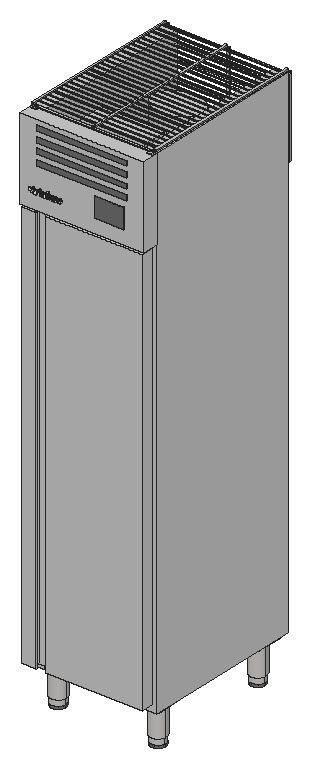
Revit family "QF_INFRICO_AGN301BT_250807033416", category Specialty Equipment, Revit 2021
Family settings
  Round Connector Dimension = Use Diameter
  Part Type = Normal
  OmniClass Number = 23.40.40.14
  OmniClass Title = Food Service Equipment
  Work Plane-Based = No
  Always vertical = Yes
  Cut with Voids When Loaded = No
  Shared = No
  Room Calculation Point = No
Parameters (values of type "AGN301BT")
  Weight [instance] = 0.00 kg
  Waste Water Discharge Temperature [instance] = 0 °C
  Waste Remarks [instance] = ""
  Warranty Start Date [instance] = ""
  Warranty Duration [instance] = ""
  Volts [instance] = 230 V
  Volt Free Conn [instance] = no
  URL Recommended Spares List [instance] = ""
  URL Manufacturer [instance] = ""
  URL Cutsheet [instance] = ""
  URL Critical Spares List [instance] = ""
  URL = "www.infrico.com"
  Technical Documentation [instance] = ""
  Tag Number [instance] = ""
  Status [instance] = ""
  Start Up Current [instance] = 0 A
  Specification by User [instance] = ""
  Specification by Manufacturer [instance] = ""
  Sound Level [instance] = ""
  Show Logo [instance] = yes
  Show Clearances [instance] = yes
  Service Life Duration [instance] = ""
  Serial Number [instance] = ""
  Seismic Rating [instance] = ""
  SMACNA No [instance] = ""
  Revision Code [instance] = ""
  Revision [instance] = ""
  Production Year [instance] = ""
  Potential Equalisation [instance] = no
  Point Load [instance] = 0
  Plumbing Connection Type [instance] = ""
  Phase [instance] = 1
  Other Equipment Approvals [instance] = ""
  Operational Current [instance] = 0 A
  Number of Poles [instance] = 2
  No Load Power Draw [instance] = no
  NAFEM Spec ID Number [instance] = ""
  Model Warning [instance] = ""
  Model = "AGN301BT"
  Min Ckt Ampacity [instance] = 0 A
  Max Overcurrent Protection [instance] = 0 A
  Masterspec [instance] = ""
  Manufacturer = "INFRICO"
  Main switch integrated [instance] = no
  Length Actual [instance] = 482 mm
  Item Number [instance] = ""
  Installed By [instance] = ""
  Installation Date [instance] = ""
  Indirect Waste Size [instance] = 19.05 mm
  Indirect Waste Remarks [instance] = ""
  Indirect Waste Flow [instance] = 0.0 L/s
  Indirect Waste Connection Type [instance] = ""
  Indirect Waste Connection Height [instance] = 0 mm
  Identify Quantity as Lot [instance] = no
  ID [instance] = ""
  Hygiene Approval [instance] = ""
  Height Actual [instance] = 2100 mm
  HP power [instance] = ""
  Furnished By [instance] = ""
  Foodservice Equipment Identifier [instance] = no
  FL Amps [instance] = 0 A
  Electrical Remarks [instance] = ""
  Electric power [instance] = 450 W
  Electric Connection Type [instance] = ""
  Elec Conn RI Height [instance] = 0 mm
  Elec Conn Connection Height [instance] = 0 mm
  ETL Approved [instance] = no
  Direct Waste Water Discharge Temperature [instance] = -273.15 °C
  Direct Waste Size [instance] = 19.05 mm
  Direct Waste RI Height [instance] = 0 mm
  Direct Waste Flow [instance] = 0.0 L/s
  Direct Waste Connection Height [instance] = 0 mm
  Description = "GN 1/1 REFRIGERATOR AND FREEZER REACH IN 300/600 - ONE DOOR - R290"
  Depth Actual [instance] = 695 mm
  Default Elevation = 0 mm
  Cycle [instance] = 50 Hz
  Cost = 0
  Connection to energy optimisation system [instance] = yes
  Conn Plug [instance] = ""
  Conn Conduit [instance] = no
  Centralized building control system with digital interface [instance] = ""
  CSI MasterFormat [instance] = ""
  CE Approved [instance] = no
  Barcode [instance] = 0
  Author [instance] = ""
  Asset Identifier [instance] = ""
  Apparent Power [instance] = 450 VA
  Accessory [instance] = no
Reference planes
  plane 1 "Center (Front/Back)": y = 0
  plane 2: z = 0
  plane 3 "Center (Left/Right)": x = 0
Forms (mm)
  Extrusion 1, solid, not visible
    sketch origin (241.012, -93.905, 152.007) x (1, 0, 0) y (0, 1, 0)
      loop
        line (-2, 2) -> (-2, -2) -> (2, -2) -> (2, 2) -> (-2, 2)
    from -2 to 2
  Extrusion 2, solid, not visible
    sketch origin (100.005, -89.004, 1770.086) x (1, 0, 0) y (0, 1, 0)
      loop
        line (-2, 2) -> (-2, -2) -> (2, -2) -> (2, 2) -> (-2, 2)
    from -2 to 2
Dimensions and locks
  locked: nested 2 to Extrusion 1 at 2  (x2)
  locked: Extrusion 2 to nested 3
  locked: nested 3 to Extrusion 2 at 2
  aligned and locked: level to plane 2
Nested families
  nested 1: "QF_INFRICO_AGN300_2920" at (0, 0, 150), type "AGN301BT"
    with Weight 0.00 kg, Warranty Start Date "", Warranty Duration "", URL Cutsheet "", Technical Documentation "", Tag Number "", Status "", Specification by User "", Specification by Manufacturer "", Sound Level "", Solid Fuel Type "", Show Logo yes, Show Clearances yes, Show Clearance yes, Service Life Duration "", Serial Number "", Seismic Rating "", SMACNA No "", Revision Code "", Revision "", Production Year "", Point Load 0, Other Equipment Approvals "", NAFEM Spec ID Number "", Model Warning "", Masterspec "", Length Actual 482 mm, Item Number "", Installed By "", Installation Date "", Identify Quantity as Lot yes, ID "", Hygiene Approval "", Height Actual 2100 mm, Furnished By "", Foodservice Equipment Identifier yes, ETL Approved yes, Depth Actual 695 mm, CSI MasterFormat "", CE Approved no, Barcode "", Author "", Asset Identifier "", Accessory no
  nested 2: "CONN_POINT_DRAIN_2D___Generic_Annotation" at (241.012, -93.905, 150.007), type "CONN_POINT_DRAIN_2D___Generic_Annotation"
    with Onboard connection annotation symbol visibility yes
  nested 3: "CONN_POINT_ELE_2D___Generic_Annotation" at (100.005, -87.004, 1770.086), type "CONN_POINT_ELE_2D___Generic_Annotation"
    with Onboard connection annotation symbol visibility yes
  nested 4: "QF_INFRICO_AGN300_DOOR_DX_4549" at (5, -640, 186), type "AGN300_DOOR_DX"
    with Weight 0.00 kg, Warranty Start Date "", Warranty Duration "", URL Cutsheet "", Technical Documentation "", Tag Number "", Status "", Specification by User "", Specification by Manufacturer "", Sound Level "", Solid Fuel Type "", Show Logo yes, Show Clearances yes, Show Clearance yes, Service Life Duration "", Serial Number "", Seismic Rating "", SMACNA No "", Revision Code "", Revision "", Production Year "", Point Load 0, Other Equipment Approvals "", NAFEM Spec ID Number "", Model Warning "", Masterspec "", Length Actual 482 mm, Item Number "", Installed By "", Installation Date "", Identify Quantity as Lot yes, ID "", Hygiene Approval "", Height Actual 1588 mm, Furnished By "", Foodservice Equipment Identifier yes, ETL Approved yes, Depth Actual 61 mm, CSI MasterFormat "", CE Approved no, Barcode "", Author "", Asset Identifier "", Accessory yes
  nested 5: "QF_INFRICO_LEGS_REACH_INS_5320" at (0, 0, 0), type "LEGS_482_640"
    with Weight 0.00 kg, Warranty Start Date "", Warranty Duration "", URL Cutsheet "", Technical Documentation "", Tag Number "", Status "", Specification by User "", Specification by Manufacturer "", Sound Level "", Solid Fuel Type "", Show Logo yes, Show Clearances yes, Service Life Duration "", Serial Number "", Seismic Rating "", SMACNA No "", Revision Code "", Revision "", Production Year "", Point Load 0, Other Equipment Approvals "", NAFEM Spec ID Number "", Model Warning "", Masterspec "", Length Actual 482 mm, Item Number "", Installed By "", Installation Date "", Identify Quantity as Lot yes, ID "", Hygiene Approval "", Height Actual 150 mm, Furnished By "", Foodservice Equipment Identifier yes, ETL Approved yes, Depth Actual 640 mm, CSI MasterFormat "", CE Approved no, Barcode "", Author "", Asset Identifier "", Accessory yes
Connectors
  piping at (241.012, -93.905, 150.007), diameter 19.05, driven by "Indirect Waste Size", driven by "Direct Waste Flow"
    settings: on Extrusion 1, index 1, connector inside diameter 609.6 mm, connector length 0 mm, flow factor 0, pipe flow 0.0 L/s, pressure drop 0.0 Pa, fitting loss kfactor 0, connector angle 0.00°, fixture units 0, engagement length 0 mm, angle of deflection 0.00°, flow configuration 1, flow direction 2, fitting loss method 0, system type 16, joint type 0, gender type 0, connector reference index -1, connector utility 0, adjustable connector no, is connector primary yes, connector description "Waste connection for AGN301BT"
  electrical at (100.005, -87.004, 1770.086), driven by "Apparent Power", driven by "Number of Poles", driven by "Volts"
    settings: on Extrusion 2, index 2, voltage 230 V, apparent load 0 VA, apparent load phase1 450 VA, apparent load phase2 0 VA, apparent load phase3 0 VA, power factor 1, load classification "Other", number of poles 2, system type 31, power factor state 1, is connector primary yes, connector utility no, sub classification motor no, connector description "Electrical connection for AGN301BT"
Definition of nested family "QF_INFRICO_AGN300_2920"
  Parameters (values of type "AGN302")
    Weight [instance] = 0.00 kg
    Warranty Start Date [instance] = ""
    Warranty Duration [instance] = ""
    URL Cutsheet [instance] = ""
    URL = "www.infrico.com"
    Technical Documentation [instance] = ""
    Tag Number [instance] = ""
    Status [instance] = ""
    Specification by User [instance] = ""
    Specification by Manufacturer [instance] = ""
    Sound Level [instance] = ""
    Solid Fuel Type [instance] = ""
    Show Logo [instance] = yes
    Show Clearances [instance] = yes
    Show Clearance [instance] = yes
    Service Life Duration [instance] = ""
    Serial Number [instance] = ""
    Seismic Rating [instance] = ""
    SMACNA No [instance] = ""
    Revision Code [instance] = ""
    Revision [instance] = ""
    Production Year [instance] = ""
    Point Load [instance] = 0
    Other Equipment Approvals [instance] = ""
    NAFEM Spec ID Number [instance] = ""
    Model Warning [instance] = ""
    Model = "AGN302"
    Masterspec [instance] = ""
    Manufacturer = "INFRICO"
    Length Actual [instance] = 0 mm
    Item Number [instance] = ""
    Installed By [instance] = ""
    Installation Date [instance] = ""
    Identify Quantity as Lot [instance] = yes
    ID [instance] = ""
    Hygiene Approval [instance] = ""
    Height Actual [instance] = 0 mm
    Furnished By [instance] = ""
    Foodservice Equipment Identifier [instance] = yes
    ETL Approved [instance] = yes
    Description = "GN 1/1 REFRIGERATOR AND FREEZER REACH IN 300/600 - TWO DOORS - R134A REFRIGERANT"
    Depth Actual [instance] = 0 mm
    Default Elevation = 0 mm
    CSI MasterFormat [instance] = ""
    CE Approved [instance] = yes
    Barcode [instance] = ""
    Author [instance] = ""
    Asset Identifier [instance] = ""
    Assembly Code = "E1090320"
    Accessory [instance] = yes
  Types (4, lengths in mm): name | Model | Description
    AGN301 | "AGN301" | "GN 1/1 REFRIGERATOR AND FREEZER REACH IN 300/600 - ONE DOOR - R134A REFRIGERANT"
    AGN301-R290 | "AGN301" | "GN 1/1 REFRIGERATOR AND FREEZER REACH IN 300/600 - ONE DOOR - R290 REFRIGERANT"
    AGN301BT | "AGN301BT" | "GN 1/1 REFRIGERATOR AND FREEZER REACH IN 300/600 - ONE DOOR - R290 REFRIGERANT"
    AGN302 | "AGN302" | "GN 1/1 REFRIGERATOR AND FREEZER REACH IN 300/600 - TWO DOORS - R134A REFRIGERANT"
  Reference planes
    plane 1 "Back": y = 0
    plane 2: z = 0
    plane 3 "Left": x = 0
    plane 4 "Right": x = 482
    plane 5 "Front": y = -700
    plane 6 "Top": z = 1950
  Forms (mm)
    Extrusion 1, solid
      sketch origin (0, 16, -334) x (0, 1, 0) y (0, 0, 1)
        loop
          line (-16, 334) -> (-16, 1597) -> (-656, 1597) -> (-656, 334) -> (-16, 334)
      from 50 to 432
    Extrusion 2, solid
      sketch origin (0, -95, 1700) x (1, 0, 0) y (0, 1, 0)
        loop
          line (0, -545) -> (0, -605) -> (482, -605) -> (482, -545) -> (479.5, -545) -> (479.5, -558) -> (457, -558) -> (457, -545) -> (25, -545) -> (25, -558) -> (2.5, -558) -> (2.5, -545) -> (0, -545)
      from -68 to 250
    Extrusion 3, solid, visible <- "Show Logo"
      sketch origin (-1126.614, -699, 992.462) x (1, 0, 0) y (0, 0, 1)
        loop
          line (1208.799, 696.53) -> (1208.799, 719.204) -> (1204.173, 719.204) -> (1204.173, 696.53) -> (1208.799, 696.53)
        loop
          line (1214.779, 713.006) -> (1211.283, 713.006) -> (1211.283, 696.53) -> (1215.772, 696.53) -> (1215.772, 707.832)
          arc (1215.772, 707.832) -> (1217.528, 708.741) -> (1219.417, 709.324) r 11.052
          arc (1219.417, 709.324) -> (1220.929, 708.961) -> (1221.598, 707.557) r 1.806
          line (1221.598, 707.557) -> (1221.598, 696.53) -> (1226.121, 696.53) -> (1226.121, 708.689)
          arc (1226.121, 708.689) -> (1224.637, 712.075) -> (1221.141, 713.281) r 4.607
          arc (1221.141, 713.281) -> (1218.282, 712.674) -> (1215.669, 711.361) r 11.435
          line (1215.669, 711.361) -> (1215.601, 712.184)
          arc (1215.601, 712.184) -> (1215.36, 712.765) -> (1214.779, 713.006) r 0.822
        loop
          line (1238.557, 720.102) -> (1237.306, 720.102)
          arc (1237.306, 720.102) -> (1235.052, 719.926) -> (1232.881, 719.297) r 11.103
          arc (1232.881, 719.297) -> (1230.805, 717.616) -> (1230.024, 715.062) r 4.567
          line (1230.024, 715.062) -> (1230.024, 712.909) -> (1227.351, 712.703) -> (1227.351, 709.374) -> (1230.024, 709.374) -> (1230.024, 696.53) -> (1234.547, 696.53) -> (1234.547, 709.374) -> (1238.249, 709.374) -> (1238.249, 712.938) -> (1234.547, 712.938) -> (1234.547, 714.548)
          arc (1234.547, 714.548) -> (1234.956, 715.705) -> (1236.045, 716.271) r 1.67
          line (1236.045, 716.271) -> (1237.7, 716.399)
          arc (1237.7, 716.399) -> (1238.306, 716.65) -> (1238.557, 717.255) r 0.857
          line (1238.557, 717.255) -> (1238.557, 720.102)
        loop
          line (1239.479, 713.006) -> (1239.479, 696.53) -> (1243.968, 696.53) -> (1243.968, 707.352)
          arc (1243.968, 707.352) -> (1245.873, 708.631) -> (1248.077, 709.268) r 7.435
          line (1248.077, 709.268) -> (1249.241, 709.416)
          arc (1249.241, 709.416) -> (1249.643, 709.758) -> (1249.793, 710.265) r 0.928
          line (1249.793, 710.265) -> (1249.793, 712.458)
          arc (1249.793, 712.458) -> (1249.531, 713.061) -> (1248.912, 713.28) r 0.824
          arc (1248.912, 713.28) -> (1246.197, 712.588) -> (1243.899, 710.984) r 7.833
          line (1243.899, 710.984) -> (1243.726, 713.006) -> (1239.479, 713.006)
        loop
          line (1255.495, 696.53) -> (1255.495, 713.006) -> (1251.006, 713.006) -> (1251.006, 696.53) -> (1255.495, 696.53)
        loop
          arc (1257.421, 701.327) -> (1258.567, 698.188) -> (1261.466, 696.525) r 4.873
          arc (1261.466, 696.525) -> (1264.493, 696.266) -> (1267.521, 696.525) r 17.816
          arc (1267.521, 696.525) -> (1270.575, 699.134) -> (1271.505, 703.041) r 6.481
          line (1271.505, 703.041) -> (1267.187, 703.041) -> (1267.187, 701.67)
          arc (1267.187, 701.67) -> (1266.64, 700.452) -> (1265.442, 699.865) r 1.965
          arc (1265.442, 699.865) -> (1264.547, 699.816) -> (1263.653, 699.865) r 8.196
          arc (1263.653, 699.865) -> (1262.417, 700.415) -> (1261.91, 701.67) r 1.806
          line (1261.91, 701.67) -> (1261.91, 707.9)
          arc (1261.91, 707.9) -> (1262.417, 709.155) -> (1263.653, 709.705) r 1.806
          arc (1263.653, 709.705) -> (1264.547, 709.754) -> (1265.442, 709.705) r 8.196
          arc (1265.442, 709.705) -> (1266.64, 709.118) -> (1267.187, 707.9) r 1.965
          line (1267.187, 707.9) -> (1267.187, 706.838) -> (1271.505, 706.838)
          arc (1271.505, 706.838) -> (1270.524, 710.556) -> (1267.521, 712.959) r 6.132
          arc (1267.521, 712.959) -> (1264.493, 713.294) -> (1261.466, 712.959) r 13.851
          arc (1261.466, 712.959) -> (1258.571, 711.349) -> (1257.421, 708.243) r 4.772
          line (1257.421, 708.243) -> (1257.421, 701.327)
        loop
          arc (1272.916, 701.329) -> (1273.993, 698.345) -> (1276.726, 696.734) r 4.676
          arc (1276.726, 696.734) -> (1278.515, 696.455) -> (1280.318, 696.291) r 28.371
          arc (1280.318, 696.291) -> (1282.122, 696.455) -> (1283.911, 696.734) r 28.371
          arc (1283.911, 696.734) -> (1286.644, 698.345) -> (1287.72, 701.329) r 4.676
          line (1287.72, 701.329) -> (1287.72, 708.242)
          arc (1287.72, 708.242) -> (1286.644, 711.226) -> (1283.911, 712.837) r 4.676
          arc (1283.911, 712.837) -> (1282.122, 713.116) -> (1280.318, 713.28) r 28.371
          arc (1280.318, 713.28) -> (1278.515, 713.116) -> (1276.726, 712.837) r 28.371
          arc (1276.726, 712.837) -> (1273.993, 711.226) -> (1272.916, 708.242) r 4.676
          line (1272.916, 708.242) -> (1272.916, 701.329)
        loop
          line (1277.405, 707.866) -> (1277.405, 701.705)
          arc (1277.405, 701.705) -> (1277.844, 700.556) -> (1278.936, 699.991) r 1.725
          arc (1278.936, 699.991) -> (1279.627, 699.918) -> (1280.318, 699.856) r 46.133
          arc (1280.318, 699.856) -> (1281.01, 699.918) -> (1281.701, 699.991) r 46.133
          arc (1281.701, 699.991) -> (1282.793, 700.556) -> (1283.231, 701.705) r 1.725
          line (1283.231, 701.705) -> (1283.231, 707.866)
          arc (1283.231, 707.866) -> (1282.793, 709.015) -> (1281.701, 709.58) r 1.725
          arc (1281.701, 709.58) -> (1281.01, 709.653) -> (1280.318, 709.716) r 46.133
          arc (1280.318, 709.716) -> (1279.627, 709.653) -> (1278.936, 709.58) r 46.133
          arc (1278.936, 709.58) -> (1277.844, 709.015) -> (1277.405, 707.866) r 1.725
        loop
          arc (1190.339, 696.543) -> (1191.411, 696.987) -> (1191.856, 698.059) r 1.516
          line (1191.856, 698.059) -> (1191.856, 703.891) -> (1196.035, 703.891)
          arc (1196.035, 703.891) -> (1196.79, 704.121) -> (1197.218, 704.782) r 1.147
          line (1197.218, 704.782) -> (1197.218, 706.211)
          arc (1197.218, 706.211) -> (1196.787, 707.258) -> (1195.719, 707.634) r 1.385
          line (1195.719, 707.634) -> (1194.52, 707.634) -> (1197.218, 710.332)
          arc (1197.218, 710.332) -> (1197.605, 711.266) -> (1197.218, 712.2) r 1.321
          line (1197.218, 712.2) -> (1196.495, 712.923)
          arc (1196.495, 712.923) -> (1195.54, 713.338) -> (1194.558, 712.991) r 1.422
          line (1194.558, 712.991) -> (1191.853, 710.286) -> (1191.853, 711.479)
          arc (1191.853, 711.479) -> (1191.443, 712.516) -> (1190.435, 712.992) r 1.516
          line (1190.435, 712.992) -> (1189.514, 712.992)
          arc (1189.514, 712.992) -> (1188.511, 712.514) -> (1188.103, 711.479) r 1.516
          line (1188.103, 711.479) -> (1188.103, 706.83) -> (1182.073, 701.336) -> (1182.073, 707.509) -> (1185.639, 711.075)
          arc (1185.639, 711.075) -> (1186.053, 712.073) -> (1185.639, 713.071) r 1.412
          line (1185.639, 713.071) -> (1184.987, 713.723)
          arc (1184.987, 713.723) -> (1183.939, 714.141) -> (1182.915, 713.667) r 1.428
          line (1182.915, 713.667) -> (1182.073, 712.825) -> (1182.073, 717.784)
          arc (1182.073, 717.784) -> (1181.658, 718.787) -> (1180.655, 719.203) r 1.418
          line (1180.655, 719.203) -> (1179.726, 719.203)
          arc (1179.726, 719.203) -> (1178.723, 718.787) -> (1178.308, 717.784) r 1.418
          line (1178.308, 717.784) -> (1178.308, 712.825) -> (1177.466, 713.667)
          arc (1177.466, 713.667) -> (1176.442, 714.141) -> (1175.394, 713.723) r 1.428
          line (1175.394, 713.723) -> (1174.742, 713.071)
          arc (1174.742, 713.071) -> (1174.328, 712.073) -> (1174.742, 711.075) r 1.412
          line (1174.742, 711.075) -> (1178.308, 707.509) -> (1178.308, 701.336) -> (1172.278, 706.83) -> (1172.278, 711.479)
          arc (1172.278, 711.479) -> (1171.87, 712.514) -> (1170.867, 712.992) r 1.516
          line (1170.867, 712.992) -> (1169.946, 712.992)
          arc (1169.946, 712.992) -> (1168.938, 712.516) -> (1168.528, 711.479) r 1.516
          line (1168.528, 711.479) -> (1168.528, 710.286) -> (1165.823, 712.991)
          arc (1165.823, 712.991) -> (1164.841, 713.338) -> (1163.886, 712.923) r 1.422
          line (1163.886, 712.923) -> (1163.163, 712.2)
          arc (1163.163, 712.2) -> (1162.776, 711.266) -> (1163.163, 710.332) r 1.321
          line (1163.163, 710.332) -> (1165.861, 707.634) -> (1164.662, 707.634)
          arc (1164.662, 707.634) -> (1163.594, 707.258) -> (1163.163, 706.211) r 1.385
          line (1163.163, 706.211) -> (1163.163, 704.782)
          arc (1163.163, 704.782) -> (1163.591, 704.121) -> (1164.346, 703.891) r 1.147
          line (1164.346, 703.891) -> (1168.525, 703.891) -> (1168.525, 698.059)
          arc (1168.525, 698.059) -> (1168.969, 696.987) -> (1170.042, 696.543) r 1.516
          line (1170.042, 696.543) -> (1190.339, 696.543)
      from 0 to 2
    Extrusion 4, solid
      sketch origin (-875.87, -3.77, 1109.561) x (1, 0, 0) y (0, 0, 1)
        loop
          line (1169.616, 654.3) -> (1169.616, 577.9) -> (1281.216, 577.9) -> (1281.216, 654.3) -> (1169.616, 654.3)
      from 696.23 to 698.23
    Extrusion 5, solid
      sketch origin (0, 16, -10) x (1, 0, 0) y (0, 1, 0)
        loop
          line (0, -656) -> (50, -656) -> (50, -16) -> (0, -16) -> (0, -656)
        loop
          line (432, -16) -> (432, -656) -> (482, -656) -> (482, -16) -> (432, -16)
      from 10 to 1960
    Extrusion 6, solid
      sketch origin (0, 16, 38) x (0, 1, 0) y (0, 0, 1)
        loop
          line (-656, 1225) -> (-50, 1225) -> (-103.033, 1278.033) -> (-103.033, 1600) -> (-603, 1600) -> (-656, 1653) -> (-656, 1225)
      from 50 to 432
    Extrusion 7, solid
      sketch origin (146.982, 229.891, 1638) x (0.866025, -0.5, 0) y (0.5, 0.866025, 0)
        loop
          line (358.028, -621.086) -> (408.028, -707.689) -> (624.534, -582.689) -> (574.534, -496.086) -> (358.028, -621.086)
      from 0 to 292
    Extrusion 8, solid
      sketch origin (141.982, 221.23, 1659) x (0.866025, -0.5, 0) y (0.5, 0.866025, 0)
        loop
          line (407.8, -507.295) -> (427.8, -541.936) -> (479.762, -511.936) -> (459.762, -477.295) -> (407.8, -507.295)
      from 103.4 to 153.4
    Extrusion 9, solid
      sketch origin (857.586, -118.671, 1638) x (0, -1, 0) y (1, 0, 0)
        loop
          arc (131.329, -491.086) -> (74.329, -586.086) -> (131.329, -681.086) r 107.667
          arc (131.329, -681.086) -> (151.329, -686.086) -> (171.329, -681.086) r 42.5
          arc (171.329, -681.086) -> (228.329, -586.086) -> (171.329, -491.086) r 107.667
          arc (171.329, -491.086) -> (151.329, -486.086) -> (131.329, -491.086) r 42.5
      from 0 to 250
    Extrusion 10, solid
      sketch origin (0, 16, 33) x (0, 1, 0) y (0, 0, 1)
        loop
          circle (-656, 1921) r 4
        loop
          circle (-630, 1923) r 2
        loop
          circle (-605, 1923) r 2
        loop
          circle (-580, 1923) r 2
        loop
          circle (-555, 1923) r 2
        loop
          circle (-530, 1923) r 2
        loop
          circle (-505, 1923) r 2
        loop
          circle (-480, 1923) r 2
        loop
          circle (-455, 1923) r 2
        loop
          circle (-430, 1923) r 2
        loop
          circle (-405, 1923) r 2
        loop
          circle (-380, 1923) r 2
        loop
          circle (-355, 1923) r 2
        loop
          circle (-330, 1923) r 2
        loop
          circle (-305, 1923) r 2
        loop
          circle (-280, 1923) r 2
        loop
          circle (-255, 1923) r 2
        loop
          circle (-230, 1923) r 2
        loop
          circle (-205, 1923) r 2
        loop
          circle (-155, 1923) r 2
        loop
          circle (-130, 1923) r 2
        loop
          circle (-105, 1923) r 2
        loop
          circle (-80, 1923) r 2
        loop
          circle (-55, 1923) r 2
        loop
          circle (-180, 1923) r 2
        loop
          circle (-30, 1923) r 2
      from 0 to 481
    Extrusion 11, solid
      sketch origin (0, 16, 33) x (1, 0, 0) y (0, 0, 1)
        loop
          circle (4, 1929) r 4
        loop
          circle (478, 1929) r 4
        loop
          circle (241, 1929) r 4
      from 16 to 660
    Extrusion 12, solid
      sketch origin (0, -1917, 1290) x (0, 0, -1) y (0, 1, 0)
        loop
          circle (-656, 1921) r 4
        loop
          circle (-630, 1923) r 2
        loop
          circle (-605, 1923) r 2
        loop
          circle (-580, 1923) r 2
        loop
          circle (-555, 1923) r 2
        loop
          circle (-530, 1923) r 2
        loop
          circle (-505, 1923) r 2
        loop
          circle (-480, 1923) r 2
        loop
          circle (-455, 1923) r 2
        loop
          circle (-430, 1923) r 2
        loop
          circle (-405, 1923) r 2
        loop
          circle (-380, 1923) r 2
        loop
          circle (-355, 1923) r 2
      from 0 to 481
    Extrusion 13, solid
      sketch origin (0, -1917, 1290) x (1, 0, 0) y (0, 1, 0)
        loop
          circle (4, 1929) r 4
        loop
          circle (477, 1929) r 4
        loop
          circle (240.5, 1929) r 4
      from 348 to 660
    Extrusion 14, solid
      sketch origin (500, -698.1, -10) x (1, 0, 0) y (0, 0, 1)
        loop
          line (-434.5, 1940) -> (-434.5, 1920) -> (-84.5, 1920) -> (-84.5, 1940) -> (-434.5, 1940)
        loop
          line (-434.5, 1900) -> (-434.5, 1880) -> (-84.5, 1880) -> (-84.5, 1900) -> (-434.5, 1900)
        loop
          line (-434.5, 1860) -> (-434.5, 1840) -> (-84.5, 1840) -> (-84.5, 1860) -> (-434.5, 1860)
        loop
          line (-434.5, 1820) -> (-434.5, 1800) -> (-84.5, 1800) -> (-84.5, 1820) -> (-434.5, 1820)
      from 0 to 2
    Extrusion 15, solid
      sketch origin (458.5, -77, 38) x (0, 1, 0) y (0, 0, 1)
        loop
          line (-567, 1911) -> (-563, 1911) -> (-563, 1914.5)
          arc (-563, 1914.5) -> (-564.062, 1917.463) -> (-565.924, 1920) r 10.917
          line (-565.924, 1920) -> (-573.076, 1920)
          arc (-573.076, 1920) -> (-574.938, 1917.463) -> (-576, 1914.5) r 10.917
          line (-576, 1914.5) -> (-576, 1911) -> (-572, 1911) -> (-572, 1914.5)
          arc (-572, 1914.5) -> (-569.5, 1917) -> (-567, 1914.5) r 2.5
          line (-567, 1914.5) -> (-567, 1911)
      from 0 to 17.5
    Extrusion 16, solid
      sketch origin (455.5, -77, 38) x (0, 1, 0) y (0, 0, 1)
        loop
          arc (-567.161, 1915.382) -> (-569.948, 1916.96) -> (-572, 1914.5) r 2.5
          line (-572, 1914.5) -> (-571.49, 1908.671) -> (-564.851, 1909.252) -> (-567.161, 1915.382)
      from 0.5 to 3
    Extrusion 17, solid
      sketch origin (475.5, -77, 38) x (0, 1, 0) y (0, 0, 1)
        loop
          arc (-567.161, 1915.382) -> (-569.948, 1916.96) -> (-572, 1914.5) r 2.5
          line (-572, 1914.5) -> (-571.49, 1908.671) -> (-564.851, 1909.252) -> (-567.161, 1915.382)
      from 0.5 to 3
    Extrusion 18, solid
      sketch origin (5, -77, 38) x (0, 1, 0) y (0, 0, 1)
        loop
          line (-567, 1911) -> (-563, 1911) -> (-563, 1914.5)
          arc (-563, 1914.5) -> (-564.062, 1917.463) -> (-565.924, 1920) r 10.917
          line (-565.924, 1920) -> (-573.076, 1920)
          arc (-573.076, 1920) -> (-574.938, 1917.463) -> (-576, 1914.5) r 10.917
          line (-576, 1914.5) -> (-576, 1911) -> (-572, 1911) -> (-572, 1914.5)
          arc (-572, 1914.5) -> (-569.5, 1917) -> (-567, 1914.5) r 2.5
          line (-567, 1914.5) -> (-567, 1911)
      from 0 to 17.5
    Extrusion 19, solid
      sketch origin (2, -77, 38) x (0, 1, 0) y (0, 0, 1)
        loop
          arc (-567.161, 1915.382) -> (-569.948, 1916.96) -> (-572, 1914.5) r 2.5
          line (-572, 1914.5) -> (-571.49, 1908.671) -> (-564.851, 1909.252) -> (-567.161, 1915.382)
      from 0.5 to 3
    Extrusion 20, solid
      sketch origin (22, -77, 38) x (0, 1, 0) y (0, 0, 1)
        loop
          arc (-567.161, 1915.382) -> (-569.948, 1916.96) -> (-572, 1914.5) r 2.5
          line (-572, 1914.5) -> (-571.49, 1908.671) -> (-564.851, 1909.252) -> (-567.161, 1915.382)
      from 0.5 to 3
    Extrusion 21, solid
      sketch origin (0, 0, 0) x (1, 0, 0) y (0, 0, 1)
        loop
          circle (271.5, 1787) r 90
      from 462 to 487
    Extrusion 22, solid
      sketch origin (0.5, 0, 0) x (1, 0, 0) y (0, 1, 0)
        loop
          circle (240.5, -93.4) r 9.525
      from -10 to 0
    Extrusion 23, solid
      sketch origin (100, -87.033, 1620) x (1, 0, 0) y (0, 0, -1)
        loop
          circle (0, 0) r 5
      from 0 to 10
  Cuts and joins
    joined: Extrusion 1, Extrusion 5, Extrusion 6
  Lines and regions (mm)
    symbolic lines
      curve 1: line (0, 0, 0) -> (482, 0, 0)
      curve 2: line (482, 0, 0) -> (482, -700, 0)
      curve 3: line (482, -700, 0) -> (0, -700, 0)
      curve 4: line (0, -700, 0) -> (0, 0, 0)
      curve 5: line (482, -644, 0) -> (0, -644, 0)
  Dimensions and locks
    plane 6 "Top" to level = 1950 mm  (x2)
    plane 4 "Right" to plane 3 "Left" = 482 mm
    plane 1 "Back" to plane 5 "Front" = 700 mm  (x2)
    plane 3 "Left" to plane 4 "Right" = 482 mm
    aligned and locked: level to plane 2
  Connectors
    piping at (241, -93.4, -10), diameter 19.1
      settings: on Extrusion 22, index 1, connector inside diameter 609.6 mm, connector length 0 mm, flow factor 0, pipe flow 0.0 L/s, pressure drop 0.0 Pa, fitting loss kfactor 0, connector angle 0.00°, fixture units 0, engagement length 0 mm, angle of deflection 0.00°, flow configuration 1, flow direction 2, fitting loss method 0, system type 16, joint type 0, gender type 0, connector reference index -1, connector utility 0, adjustable connector no, is connector primary yes, connector description "Drain connection"
    electrical at (100, -77.033, 1620)
      settings: on Extrusion 23, index 2, voltage 0 V, apparent load 0 VA, apparent load phase1 0 VA, apparent load phase2 0 VA, apparent load phase3 0 VA, power factor 1, load classification none, number of poles 1, system type 31, power factor state 1, is connector primary yes, connector utility no, sub classification motor no, connector description "Electrical connection"
Definition of nested family "QF_INFRICO_AGN300_DOOR_DX_4549"
  Parameters (values of type "AGN300_DOOR_DX")
    Weight [instance] = 0.00 kg
    Warranty Start Date [instance] = ""
    Warranty Duration [instance] = ""
    URL Cutsheet [instance] = ""
    URL = "www.infrico.com"
    Technical Documentation [instance] = ""
    Tag Number [instance] = ""
    Status [instance] = ""
    Specification by User [instance] = ""
    Specification by Manufacturer [instance] = ""
    Sound Level [instance] = ""
    Solid Fuel Type [instance] = ""
    Show Logo [instance] = yes
    Show Clearances [instance] = yes
    Show Clearance [instance] = yes
    Service Life Duration [instance] = ""
    Serial Number [instance] = ""
    Seismic Rating [instance] = ""
    SMACNA No [instance] = ""
    Revision Code [instance] = ""
    Revision [instance] = ""
    Production Year [instance] = ""
    Point Load [instance] = 0
    Other Equipment Approvals [instance] = ""
    NAFEM Spec ID Number [instance] = ""
    Model Warning [instance] = ""
    Model = "AGN300_DOOR_DX"
    Masterspec [instance] = ""
    Manufacturer = "INFRICO"
    Length Actual [instance] = 0 mm
    Item Number [instance] = ""
    Installed By [instance] = ""
    Installation Date [instance] = ""
    Identify Quantity as Lot [instance] = yes
    ID [instance] = ""
    Hygiene Approval [instance] = ""
    Height Actual [instance] = 0 mm
    Furnished By [instance] = ""
    Foodservice Equipment Identifier [instance] = yes
    ETL Approved [instance] = yes
    Description = "RIGHT DOOR"
    Depth Actual [instance] = 0 mm
    Default Elevation = 0 mm
    CSI MasterFormat [instance] = ""
    CE Approved [instance] = yes
    Barcode [instance] = ""
    Author [instance] = ""
    Asset Identifier [instance] = ""
    Assembly Code = "E1090320"
    Accessory [instance] = yes
  Reference planes
    plane 1 "Back": y = 0
    plane 2: z = 0
    plane 3 "Left": x = 0
    plane 4 "Right": x = 472
    plane 5 "Front": y = -60
    plane 6 "Top": z = 1588
  Forms (mm)
    Extrusion 1, solid
      sketch origin (-2514.326, 638.02, 672.39) x (1, 0, 0) y (0, 1, 0)
        loop
          line (2610.426, -698.02) -> (2986.326, -698.02) -> (2986.326, -654.02) -> (2514.326, -654.02) -> (2514.326, -664.81) -> (2521.592, -664.81) -> (2526.525, -683.218) -> (2514.326, -690.261) -> (2514.326, -698.02) -> (2571.566, -698.02) -> (2571.566, -694.947) -> (2546.304, -684.224)
          arc (2546.304, -684.224) -> (2545.774, -683.563) -> (2545.566, -682.741) r 2.001
          line (2545.566, -682.741) -> (2545.222, -672.896)
          arc (2545.222, -672.896) -> (2545.582, -671.631) -> (2546.663, -670.881) r 1.95
          line (2546.663, -670.881) -> (2557.604, -667.95) -> (2580.356, -667.95) -> (2610.426, -698.02)
      from -672.39 to 915.61
    Extrusion 2, solid, detail levels coarse
      sketch origin (0, -16, 0) x (1, 0, 0) y (0, 1, 0)
        loop
          line (472, -44) -> (0, -44)
          arc (0, -44) -> (125.358, -346.642) -> (428, -472) r 428
          line (428, -472) -> (472, -472) -> (472, -44)
      from 0 to 1588
    Extrusion 3, solid
      sketch origin (0, 232, 0) x (1, 0, 0) y (0, 0, 1)
        loop
          line (457, 1573) -> (15, 1573) -> (15, 15) -> (457, 15) -> (457, 1573)
        loop
          line (427, 1543) -> (45, 1543) -> (45, 45) -> (427, 45) -> (427, 1543)
      from 232 to 248
  Lines and regions (mm)
    symbolic lines, visible <- "Show Clearance"
      curve 1: line (428, -488, 0) -> (472, -488, 0)
      curve 2: line (472, -488, 0) -> (472, -60, 0)
      curve 3: arc (0, -60, 0) -> (125.358, -362.642, 0) -> (428, -488, 0) r 428
      curve 4: line (428, -488, 0) -> (428, -60, 0)
  Dimensions and locks
    plane 6 "Top" to level = 1588 mm  (x2)
    plane 4 "Right" to plane 3 "Left" = 472 mm
    plane 1 "Back" to plane 5 "Front" = 60 mm  (x2)
    plane 3 "Left" to plane 4 "Right" = 472 mm
    aligned and locked: level to plane 2
Definition of nested family "QF_INFRICO_LEGS_REACH_INS_5320"
  Parameters (values of type "LEGS_930_756")
    Weight [instance] = 0.00 kg
    Warranty Start Date [instance] = ""
    Warranty Duration [instance] = ""
    URL Cutsheet [instance] = ""
    URL = "www.infrico.com"
    Technical Documentation [instance] = ""
    Tag Number [instance] = ""
    Status [instance] = ""
    Specification by User [instance] = ""
    Specification by Manufacturer [instance] = ""
    Sound Level [instance] = ""
    Solid Fuel Type [instance] = ""
    Show Logo [instance] = yes
    Show Clearances [instance] = yes
    Service Life Duration [instance] = ""
    Serial Number [instance] = ""
    Seismic Rating [instance] = ""
    SMACNA No [instance] = ""
    Right offset = 228 mm
    Revision Code [instance] = ""
    Revision [instance] = ""
    Rear offset = 163 mm
    Production Year [instance] = ""
    Point Load [instance] = 0
    Other Equipment Approvals [instance] = ""
    NAFEM Spec ID Number [instance] = ""
    Model Warning [instance] = ""
    Model = "LEGS_930_756"
    Masterspec [instance] = ""
    Manufacturer = "INFRICO"
    Length Actual [instance] = 0 mm
    Length = 930 mm
    Left offset = 136 mm
    Item Number [instance] = ""
    Installed By [instance] = ""
    Installation Date [instance] = ""
    Identify Quantity as Lot [instance] = yes
    ID [instance] = ""
    Hygiene Approval [instance] = ""
    Height Actual [instance] = 0 mm
    Height = 150 mm
    Furnished By [instance] = ""
    Front offset = 60 mm
    Foodservice Equipment Identifier [instance] = yes
    ETL Approved [instance] = yes
    Description = "LEGS"
    Depth Actual [instance] = 0 mm
    Depth = 756 mm
    Default Elevation = 0 mm
    CentralLegs = if(Length > 2000 mm, 2 > 1, 2 < 1)  # no
    CSI MasterFormat [instance] = ""
    CE Approved [instance] = yes
    Barcode [instance] = ""
    Author [instance] = ""
    Asset Identifier [instance] = ""
    Assembly Code = "E1090320"
    Accessory [instance] = yes
  Types (32, lengths in mm): name | Right offset | Rear offset | Model | Length | Left offset | Height | Front offset | Depth | CentralLegs
    LEGS_557_720 | 47 | 88 | "LEGS_557_720" | 557 | 47 | 150 | 67 | 720 | no
    LEGS_1124_720 | 47 | 88 | "LEGS_1124_720" | 1124 | 47 | 150 | 67 | 720 | no
    LEGS_687_640 | 47 | 88 | "LEGS_687_640" | 687 | 47 | 150 | 67 | 640 | no
    LEGS_1385_640 | 47 | 88 | "LEGS_1385_640" | 1385 | 47 | 150 | 67 | 640 | no
    LEGS_2081_640 | 47 | 88 | "LEGS_2081_640" | 2081 | 47 | 150 | 67 | 640 | yes
    LEGS_800_545 | 47 | 88 | "LEGS_800_545" | 800 | 47 | 150 | 67 | 545 | no
    LEGS_482_640 | 47 | 88 | "LEGS_482_640" | 482 | 47 | 150 | 67 | 640 | no
    LEGS_974_640 | 47 | 88 | "LEGS_974_640" | 974 | 47 | 150 | 67 | 640 | no
    LEGS_687_734 | 47 | 88 | "LEGS_687_734" | 687 | 47 | 150 | 67 | 734 | no
    LEGS_1385_734 | 47 | 88 | "LEGS_1385_734" | 1385 | 47 | 150 | 67 | 734 | no
    LEGS_756_900 | 47 | 88 | "LEGS_756_900" | 756 | 47 | 150 | 67 | 900 | no
    LEGS_752_677 | 47 | 88 | "LEGS_752_677" | 752 | 47 | 150 | 67 | 677 | no
    LEGS_2081_736 | 47 | 88 | "LEGS_2081_736" | 2081 | 47 | 150 | 67 | 736 | yes
    LEGS_702_700 | 74 | 110 | "LEGS_702_700" | 702 | 74 | 150 | 63 | 700 | no
    LEGS_1227_700 | 74 | 110 | "LEGS_1227_700" | 1227 | 74 | 150 | 63 | 700 | no
    LEGS_1533_700 | 74 | 110 | "LEGS_1533_700" | 1533 | 74 | 150 | 63 | 700 | no
    LEGS_1844_700 | 74 | 110 | "LEGS_1844_700" | 1844 | 74 | 150 | 63 | 700 | no
    LEGS_1050_768 | 208 | 60 | "LEGS_1050_768" | 1050 | 160 | 150 | 60 | 768 | no
    LEGS_1710_768 | 208 | 60 | "LEGS_1710_768" | 1710 | 160 | 150 | 60 | 768 | no
    LEGS_2370_768 | 208 | 60 | "LEGS_2370_768" | 2370 | 160 | 150 | 60 | 768 | yes
    LEGS_930_756 | 228 | 163 | "LEGS_930_756" | 930 | 136 | 150 | 60 | 756 | no
    LEGS_1235_756 | 228 | 163 | "LEGS_1235_756" | 1235 | 136 | 150 | 60 | 756 | no
    LEGS_1352_756 | 228 | 163 | "LEGS_1352_756" | 1352 | 136 | 150 | 60 | 756 | no
    LEGS_1845_756 | 228 | 163 | "LEGS_1845_756" | 1845 | 136 | 150 | 60 | 756 | no
    LEGS_2464_756 | 228 | 163 | "LEGS_2464_756" | 2464 | 136 | 150 | 60 | 756 | yes
    LEGS_2809_756 | 228 | 163 | "LEGS_2809_756" | 2809 | 136 | 150 | 60 | 756 | yes
    LEGS_1384_736 | 47 | 88 | "LEGS_1384_736" | 1384 | 47 | 150 | 67 | 736 | no
    LEGS_687_740 | 47 | 88 | "LEGS_687_740" | 687 | 47 | 140 | 67 | 740 | no
    LEGS_1385_740 | 47 | 88 | "LEGS_1385_740" | 1385 | 47 | 140 | 67 | 740 | no
    LEGS_1385_740\u001f_H | 47 | 88 | "LEGS_1385_640" | 1385 | 47 | 150 | 67 | 740 | no
    LEGS_687_740_H | 47 | 88 | "LEGS_687_740_H" | 687 | 47 | 150 | 67 | 740 | no
    LEGS_1385_740_H | 47 | 88 | "LEGS_1385_740_H" | 1385 | 47 | 150 | 67 | 740 | no
  Reference planes
    plane 1 "Back": y = 0
    plane 2: z = 0
    plane 3 "Left": x = 0
    plane 4 "Right": x = 930
    plane 5 "Front": y = -756
    plane 6 "Top": z = 150
    plane 7 "Left offset": x = 136
    plane 8 "Right offset": x = 702
    plane 9 "Rear offset": y = -163
    plane 10 "Front offset": y = -696
    plane 11 "Central": x = 465
  Dimensions and locks
    "Length": plane 3 "Left" to plane 4 "Right"
    "Depth": plane 5 "Front" to plane 1 "Back"
    "Left offset": plane 3 "Left" to plane 7 "Left offset"
    "Right offset": plane 8 "Right offset" to plane 4 "Right"
    "Rear offset": plane 9 "Rear offset" to plane 1 "Back"
    "Front offset": plane 10 "Front offset" to plane 5 "Front"
    "Height": plane 6 "Top" to plane 2
    equal spacing: plane 3 "Left", plane 11 "Central", plane 4 "Right"
    aligned and locked: level to plane 2
    aligned and locked: nested 1 to plane 9 "Rear offset"
    aligned and locked: nested 2 to plane 9 "Rear offset"
    aligned and locked: nested 1 to plane 7 "Left offset"
    aligned and locked: nested 2 to plane 8 "Right offset"
    aligned and locked: nested 3 to plane 10 "Front offset"
    aligned and locked: nested 4 to plane 10 "Front offset"
    aligned and locked: nested 3 to plane 7 "Left offset"
    aligned and locked: nested 4 to plane 8 "Right offset"
    aligned and locked: nested 6 to plane 11 "Central"
    aligned and locked: nested 5 to plane 11 "Central"
    aligned and locked: nested 6 to plane 10 "Front offset"
    aligned and locked: nested 5 to plane 9 "Rear offset"
  Nested families
    nested 1: "QF_INFRICO_LEGS" at (136, -163, 0), type "QF_INFRICO_LEGS"
      with Height 150 mm
    nested 2: "QF_INFRICO_LEGS" at (702, -163, 0), type "QF_INFRICO_LEGS"
      with Height 150 mm
    nested 3: "QF_INFRICO_LEGS" at (136, -696, 0), type "QF_INFRICO_LEGS"
      with Height 150 mm
    nested 4: "QF_INFRICO_LEGS" at (702, -696, 0), type "QF_INFRICO_LEGS"
      with Height 150 mm
    nested 5: "QF_INFRICO_LEGS" at (465, -163, 0), visible <- "CentralLegs", type "QF_INFRICO_LEGS"
      with Height 150 mm
    nested 6: "QF_INFRICO_LEGS" at (465, -696, 0), visible <- "CentralLegs", type "QF_INFRICO_LEGS"
      with Height 150 mm
  Definition of nested family "QF_INFRICO_LEGS"
    Parameters
      Height = 140 mm
      Default Elevation = 0 mm
    Reference planes
      plane 1 "Center (Front/Back)": y = 0
      plane 2: z = 0
      plane 3 "Center (Left/Right)": x = 0
      plane 4 "Top": z = 140
    Forms (mm)
      Extrusion 1, solid
        sketch origin (0, 0, 140) x (0, 1, 0) y (-1, 0, 0)
          loop
            line (50, 45) -> (-50, 45) -> (-50, -45) -> (50, -45) -> (50, 45)
        from 0 to -3
      Extrusion 2, solid
        sketch origin (-199.986, 580, 0) x (1, 0, 0) y (0, 1, 0)
          loop
            circle (199.986, -580) r 28
        from 9 to 35
      Extrusion 3, solid
        sketch origin (-199.986, 580, 0) x (1, 0, 0) y (0, 1, 0)
          loop
            circle (199.986, -580) r 28.5
        from 0 to 9
      Sweep 4, solid
        path origin (0, 0, 0) x (0, 1, 0) y (0, 0, 1)
          loop
            line (0, 137) -> (0, 35)
        profile origin (0, 0, 86) x (1, 0, 0) y (0, 1, 0)
          loop
            circle (0, 0) r 32
    Dimensions and locks
      "Height": plane 4 "Top" to plane 2
      aligned and locked: level to plane 2
    Automatic sketch dimensions
      plane 1 "Center (Front/Back)" to Extrusion 1 sketch curve = 50 mm
      Extrusion 1 sketch curve to plane 1 "Center (Front/Back)" = 50 mm
      plane 3 "Center (Left/Right)" to Extrusion 1 sketch curve = 45 mm
      Extrusion 1 sketch curve to plane 3 "Center (Left/Right)" = 45 mm
      plane 1 "Center (Front/Back)" to Extrusion 2 sketch curve = 0 mm
      Extrusion 2 sketch curve to plane 3 "Center (Left/Right)" = 0 mm
      plane 1 "Center (Front/Back)" to Extrusion 3 sketch curve = 0 mm
      Extrusion 3 sketch curve to plane 3 "Center (Left/Right)" = 0 mm
      Sweep 4 sketch curve to plane 1 "Center (Front/Back)" = 0 mm
      level to Sweep 4 sketch curve = 35 mm
      Sweep 4 sketch curve to plane 4 "Top" = 3 mm
      Sweep 4 sketch curve to plane 3 "Center (Left/Right)" = 0 mm
      profile plane to Sweep 4 sketch curve = 0 mm
      radius of Extrusion 2 sketch curve = 28 mm
      radius of Extrusion 3 sketch curve = 28.5 mm
      radius of Sweep 4 sketch curve = 32 mm
Definition of nested family "CONN_POINT_DRAIN_2D___Generic_Annotation"
  Parameters (values of type "CONN_POINT_DRAIN_2D___Generic_Annotation")
    Onboard connection annotation symbol visibility [instance] = yes
  Reference planes
    plane 1: y = 0
    plane 2: x = 0
  Lines and regions (mm)
    detail lines, visible <- "Onboard connection annotation symbol visibility"
      curve 1: circle (0, 0, 0) r 0.5 normal (0, 0, 1)
      curve 2: line (-1, 0, 0) -> (1, 0, 0)
      curve 3: line (0, 1, 0) -> (0, -1, 0)
      curve 4: line (1.776, 1, 0) -> (1.25, 1, 0)
      curve 5: line (1.25, 1, 0) -> (1.25, -1, 0)
      curve 6: line (1.25, -1, 0) -> (1.776, -1, 0)
      curve 7: arc (2.206, -0.862, 0) -> (2.459, -0.589, 0) -> (2.583, -0.238, 0) r 0.918
      curve 8: arc (2.583, 0.238, 0) -> (2.459, 0.589, 0) -> (2.206, 0.862, 0) r 0.918
      curve 9: arc (2.583, -0.238, 0) -> (2.599, 0, 0) -> (2.583, 0.238, 0) r 1.77
      curve 10: arc (2.206, 0.862, 0) -> (2.002, 0.965, 0) -> (1.776, 1, 0) r 0.741
      curve 11: arc (1.776, -1, 0) -> (2.002, -0.965, 0) -> (2.206, -0.862, 0) r 0.741
Definition of nested family "CONN_POINT_ELE_2D___Generic_Annotation"
  Parameters (values of type "CONN_POINT_ELE_2D___Generic_Annotation")
    Onboard connection annotation symbol visibility [instance] = yes
  Reference planes
    plane 1: y = 0
    plane 2: x = 0
  Lines and regions (mm)
    detail lines, visible <- "Onboard connection annotation symbol visibility"
      curve 1: circle (0, 0, 0) r 0.5 normal (0, 0, 1)
      curve 2: line (-1, 0, 0) -> (1, 0, 0)
      curve 3: line (0, 1, 0) -> (0, -1, 0)
      curve 4: line (2.5, 1, 0) -> (1.25, 1, 0)
      curve 5: line (1.25, 1, 0) -> (1.25, -1, 0)
      curve 6: line (1.25, -1, 0) -> (2.5, -1, 0)
      curve 7: line (1.25, 0, 0) -> (2, 0, 0)
